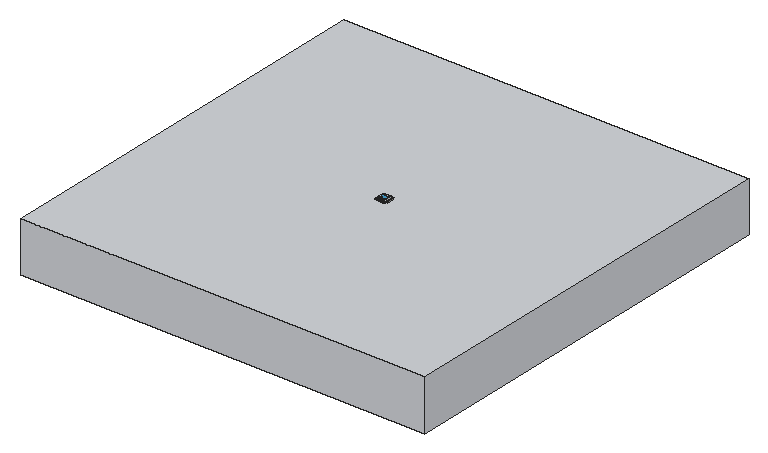
Revit family "2CKA001032A0508", category Electrical Fixtures, host Face, Revit 2014
Parameters
  White = White
  Glass = Glass
  Default Elevation = 1219.2 mm
Reference planes
  plane 1 "Center (Front/Back)": y = 0
  plane 2: z = 0
  plane 3 "Center (Left/Right)": x = 0
Forms (mm)
  Extrusion 1, solid
    sketch origin (0, 0, 0) x (1, 0, 0) y (0, 1, 0)
      loop
        line (-1219.2, 1219.2) -> (-1219.2, -1219.2) -> (1219.2, -1219.2) -> (1219.2, 1219.2) -> (-1219.2, 1219.2)
    from 0 to -304.8
  Extrusion 2, solid, material "Glass" <- "Glass", detail levels medium+fine
    sketch origin (0, 0, 0) x (1, 0, 0) y (0, 1, 0)
      loop
        line (-16.3, 12.1) -> (-16.3, -12.1)
        arc (-16.3, -12.1) -> (-15.949, -12.949) -> (-15.1, -13.3) r 1.2
        line (-15.1, -13.3) -> (15.1, -13.3)
        arc (15.1, -13.3) -> (15.949, -12.949) -> (16.3, -12.1) r 1.2
        line (16.3, -12.1) -> (16.3, 12.1)
        arc (16.3, 12.1) -> (15.949, 12.949) -> (15.1, 13.3) r 1.2
        line (15.1, 13.3) -> (-15.1, 13.3)
        arc (-15.1, 13.3) -> (-15.949, 12.949) -> (-16.3, 12.1) r 1.2
    from 8.5 to 11
  Extrusion 3, solid, detail levels fine
    sketch origin (0, 0, 0) x (1, 0, 0) y (0, 1, 0)
      loop
        arc (-25.4, -17.5) -> (-23.086, -23.086) -> (-17.5, -25.4) r 7.9
        line (-17.5, -25.4) -> (17.5, -25.4)
        arc (17.5, -25.4) -> (23.086, -23.086) -> (25.4, -17.5) r 7.9
        line (25.4, -17.5) -> (25.4, 18.213)
        arc (25.4, 18.213) -> (22.917, 23.139) -> (17.886, 25.4) r 8.251
        line (17.886, 25.4) -> (-17.5, 25.4)
        arc (-17.5, 25.4) -> (-23.086, 23.086) -> (-25.4, 17.5) r 7.9
        line (-25.4, 17.5) -> (-25.4, -17.5)
    from 0 to 8.5
  Extrusion 4, solid, material "White" <- "White", detail levels medium
    sketch origin (0, 0, 0) x (1, 0, 0) y (0, 1, 0)
      loop
        line (35.4, 35.4) -> (-35.4, 35.4) -> (-35.4, -35.4) -> (35.4, -35.4) -> (35.4, 35.4)
    from 0 to 1
  Extrusion 5, solid, material "White" <- "White", detail levels medium+fine
    sketch origin (0, 0, 0) x (1, 0, 0) y (0, 1, 0)
      loop
        line (-26, 26) -> (-26, -26) -> (26, -26) -> (26, 26) -> (-26, 26)
    from 0 to -28.4
  Extrusion 6, solid, material "White" <- "White", detail levels fine
    sketch origin (0, 0, 0) x (1, 0, 0) y (0, 1, 0)
      loop
        arc (-25.4, -17.5) -> (-23.086, -23.086) -> (-17.5, -25.4) r 7.9
        line (-17.5, -25.4) -> (17.5, -25.4)
        arc (17.5, -25.4) -> (23.086, -23.086) -> (25.4, -17.5) r 7.9
        line (25.4, -17.5) -> (25.4, 18.213)
        arc (25.4, 18.213) -> (22.917, 23.139) -> (17.886, 25.4) r 8.251
        line (17.886, 25.4) -> (-17.5, 25.4)
        arc (-17.5, 25.4) -> (-23.086, 23.086) -> (-25.4, 17.5) r 7.9
        line (-25.4, 17.5) -> (-25.4, -17.5)
    from 0 to 8.5
  Extrusion 7, solid, material "White" <- "White", detail levels medium
    sketch origin (0, 0, 0) x (1, 0, 0) y (0, 1, 0)
      loop
        line (-25.4, -25.4) -> (25.4, -25.4) -> (25.4, 25.4) -> (-25.4, 25.4) -> (-25.4, -25.4)
    from 0 to 8.5
  Extrusion 8, solid, material "White" <- "White", detail levels coarse
    sketch origin (0, 0, 0) x (1, 0, 0) y (0, 1, 0)
      loop
        line (35.4, 35.4) -> (-35.4, 35.4) -> (-35.4, -35.4) -> (35.4, -35.4) -> (35.4, 35.4)
    from -28.4 to 11
  Extrusion 9, solid, material "White" <- "White", detail levels fine
    sketch origin (0, 0, 0) x (1, 0, 0) y (0, 1, 0)
      loop
        line (-20.65, 30.9) -> (-29.4, 30.9)
        arc (-29.4, 30.9) -> (-30.461, 30.461) -> (-30.9, 29.4) r 1.5
        line (-30.9, 29.4) -> (-30.9, 20.65)
        arc (-30.9, 20.65) -> (-31.339, 19.589) -> (-32.4, 19.15) r 1.5
        line (-32.4, 19.15) -> (-34.4, 19.15)
        arc (-34.4, 19.15) -> (-35.107, 18.857) -> (-35.4, 18.15) r 1
        line (-35.4, 18.15) -> (-35.4, -18.15)
        arc (-35.4, -18.15) -> (-35.107, -18.857) -> (-34.4, -19.15) r 1
        line (-34.4, -19.15) -> (-32.4, -19.15)
        arc (-32.4, -19.15) -> (-31.339, -19.589) -> (-30.9, -20.65) r 1.5
        line (-30.9, -20.65) -> (-30.9, -29.4)
        arc (-30.9, -29.4) -> (-30.461, -30.461) -> (-29.4, -30.9) r 1.5
        line (-29.4, -30.9) -> (-20.65, -30.9)
        arc (-20.65, -30.9) -> (-19.589, -31.339) -> (-19.15, -32.4) r 1.5
        line (-19.15, -32.4) -> (-19.15, -34.4)
        arc (-19.15, -34.4) -> (-18.857, -35.107) -> (-18.15, -35.4) r 1
        line (-18.15, -35.4) -> (18.15, -35.4)
        arc (18.15, -35.4) -> (18.857, -35.107) -> (19.15, -34.4) r 1
        line (19.15, -34.4) -> (19.15, -32.4)
        arc (19.15, -32.4) -> (19.589, -31.339) -> (20.65, -30.9) r 1.5
        line (20.65, -30.9) -> (29.4, -30.9)
        arc (29.4, -30.9) -> (30.461, -30.461) -> (30.9, -29.4) r 1.5
        line (30.9, -29.4) -> (30.9, -20.65)
        arc (30.9, -20.65) -> (31.339, -19.589) -> (32.4, -19.15) r 1.5
        line (32.4, -19.15) -> (34.4, -19.15)
        arc (34.4, -19.15) -> (35.107, -18.857) -> (35.4, -18.15) r 1
        line (35.4, -18.15) -> (35.4, 18.15)
        arc (35.4, 18.15) -> (35.107, 18.857) -> (34.4, 19.15) r 1
        line (34.4, 19.15) -> (32.4, 19.15)
        arc (32.4, 19.15) -> (31.339, 19.589) -> (30.9, 20.65) r 1.5
        line (30.9, 20.65) -> (30.9, 29.4)
        arc (30.9, 29.4) -> (30.461, 30.461) -> (29.4, 30.9) r 1.5
        line (29.4, 30.9) -> (20.65, 30.9)
        arc (20.65, 30.9) -> (19.589, 31.339) -> (19.15, 32.4) r 1.5
        line (19.15, 32.4) -> (19.15, 34.4)
        arc (19.15, 34.4) -> (18.857, 35.107) -> (18.15, 35.4) r 1
        line (18.15, 35.4) -> (-18.15, 35.4)
        arc (-18.15, 35.4) -> (-18.857, 35.107) -> (-19.15, 34.4) r 1
        line (-19.15, 34.4) -> (-19.15, 32.4)
        arc (-19.15, 32.4) -> (-19.589, 31.339) -> (-20.65, 30.9) r 1.5
      loop
        arc (3.317, 28.055) -> (6.689, 26.473) -> (9.002, 29.394) r 3
        arc (9.002, 29.394) -> (7.148, 32.166) -> (3.878, 31.512) r 3
        arc (3.878, 31.512) -> (-1.253, 31.725) -> (-6.352, 31.108) r 31.75
        arc (-6.352, 31.108) -> (-7.716, 29.043) -> (-5.651, 27.679) r 1.75
        arc (-5.651, 27.679) -> (-1.182, 28.225) -> (3.317, 28.055) r 28.25
      loop
        arc (-3.317, -28.055) -> (-8.963, -28.913) -> (-3.878, -31.512) r 3
        arc (-3.878, -31.512) -> (1.253, -31.725) -> (6.352, -31.108) r 31.75
        arc (6.352, -31.108) -> (7.357, -30.5) -> (7.752, -29.394) r 1.75
        arc (7.752, -29.394) -> (7.108, -28.038) -> (5.651, -27.679) r 1.75
        arc (5.651, -27.679) -> (1.182, -28.225) -> (-3.317, -28.055) r 28.25
      loop
        arc (-28.055, 3.317) -> (-27.815, 8.553) -> (-32.394, 6.002) r 3
        arc (-32.394, 6.002) -> (-32.165, 4.852) -> (-31.512, 3.878) r 3
        arc (-31.512, 3.878) -> (-31.725, -1.253) -> (-31.108, -6.352) r 31.75
        arc (-31.108, -6.352) -> (-29.043, -7.716) -> (-27.679, -5.651) r 1.75
        arc (-27.679, -5.651) -> (-28.225, -1.182) -> (-28.055, 3.317) r 28.25
      loop
        arc (28.055, -3.317) -> (27.815, -8.553) -> (32.394, -6.002) r 3
        arc (32.394, -6.002) -> (32.165, -4.852) -> (31.512, -3.878) r 3
        arc (31.512, -3.878) -> (31.691, -1.942) -> (31.75, 0) r 31.75
        arc (31.75, 0) -> (31.589, 3.192) -> (31.108, 6.352) r 31.75
        arc (31.108, 6.352) -> (29.043, 7.716) -> (27.679, 5.651) r 1.75
        arc (27.679, 5.651) -> (28.107, 2.84) -> (28.25, 0) r 28.25
        arc (28.25, 0) -> (28.201, -1.661) -> (28.055, -3.317) r 28.25
    from 0 to 1
Dimensions and locks
  aligned and locked: plane 2 to Extrusion 1
  aligned and locked: level to Extrusion 1
Connectors
  electrical at (0, 0, -28.4)
    settings: on Extrusion 8, index 1, voltage 250 V, apparent load 0 VA, apparent load phase1 0 VA, apparent load phase2 0 VA, apparent load phase3 0 VA, power factor 1, load classification "Other", number of poles 1, system type 30, power factor state 1, is connector primary yes, connector utility no, sub classification motor no, connector description ""
